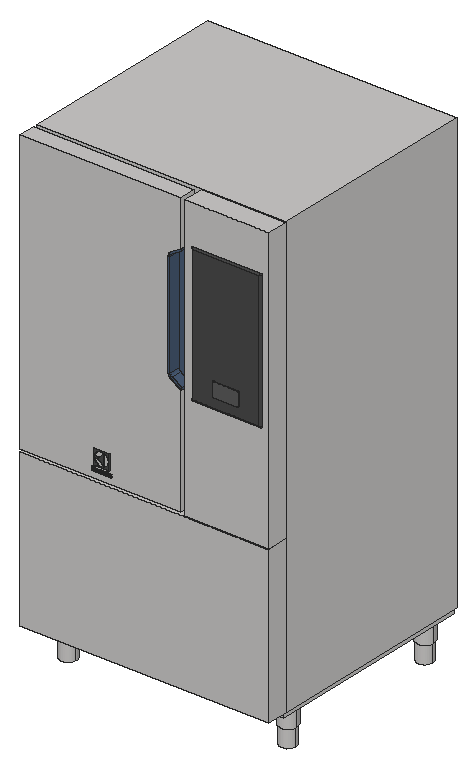
Revit family "QF_ELECTROLUXPROFESSIONAL_727736_EBFA11E", category Specialty Equipment, Revit 2018 (continued)
Definition of nested family "ELX_Logo_Symbol"
  Forms (mm)
    Extrusion 1, solid
      sketch origin (0, 0, 0) x (1, 0, 0) y (0, 1, 0)
        loop
          line (-1219.2, 1219.2) -> (-1219.2, -1219.2) -> (1219.2, -1219.2) -> (1219.2, 1219.2) -> (-1219.2, 1219.2)
      from 0 to -304.8
    Extrusion 2, solid, material <- "M"
      sketch origin (94.462, 558.781, 0) x (1, 0, 0) y (0, 1, 0)
        loop
          line (-101.645, -583.129) -> (-101.645, -534.543)
          arc (-101.645, -534.543) -> (-119.606, -558.836) -> (-101.645, -583.129) r 25.41
        loop
          arc (-99.174, -583.129) -> (-78.968, -578.537) -> (-69.233, -560.244) r 24.902
          line (-69.233, -560.244) -> (-77.271, -560.244)
          arc (-77.271, -560.244) -> (-91.631, -566.073) -> (-99.174, -579.611) r 23.341
          line (-99.174, -579.611) -> (-99.174, -583.129)
        loop
          arc (-99.174, -538.061) -> (-91.631, -551.599) -> (-77.271, -557.427) r 23.341
          line (-77.271, -557.427) -> (-69.233, -557.427)
          arc (-69.233, -557.427) -> (-78.952, -538.984) -> (-99.174, -533.918) r 25.553
          line (-99.174, -533.918) -> (-99.174, -538.061)
        loop
          line (-67.388, -585.781) -> (-67.388, -531.781) -> (-121.462, -531.781) -> (-121.462, -585.781) -> (-67.388, -585.781)
      from 0 to 1.644
  Dimensions and locks
    aligned and locked: plane 2 to Extrusion 1
    aligned and locked: level to Extrusion 1
